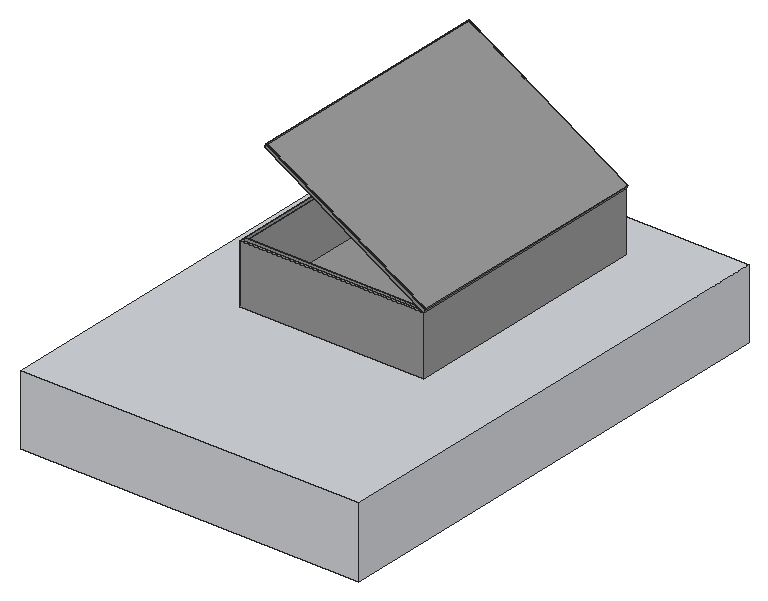
Revit family "Hager-Univers-IP55-D275-H1100-Cl.I-Steel_encl-PL-pl", category Equipement électrique, Revit 2020
Family settings
  Hôte = Face
  Configuration du panneau = Deux colonnes, circuits au sein
  Cote de connecteur circulaire = Utiliser le diamètre
  Type d'élément = Tableau de raccordement
  Couper avec des vides une fois chargée = Non
  Partagée = Non
  Point de calcul de pièce = Non
Parameters (values of type "Montaż natynkowy IP55 S800 W1100 G275  - FR73E")
  Width Control [instance] = if([EF000008 - Szerokość] > Min Width, [EF000008 - Szerokość], Min Width)  # 800 mm
  Commentaires du type = [HG000003 - Zakres]  # "Univers"
  Thickness Door [instance] = if([EF009171 - Drzwi/pokrywa z materiału o wysokiej wytrzymałości mechanicznej] > 3 mm, 3 mm, [EF009171 - Drzwi/pokrywa z materiału o wysokiej wytrzymałości mechanicznej])  # 1.5 mm
  Seal Frame Offset [instance] = 17 mm  # constant formula
  Plinth Visibility [instance] = [HG000027 - Wysokość cokołu] > 0 mm  # no
  Model = ""
  Min Width [instance] = 100 mm  # constant formula
  Min Height [instance] = 100 mm  # constant formula
  Min Depth [instance] = (2 * [EF009170 - Obudowa z materiału o wysokiej wytrzymałości mechanicznej]) + 1 mm  # 4 mm
  Internal Frame Depth [instance] = (Door System Depth * 0.5)  # 9 mm
  Height Control [instance] = if([EF000040 - Wysokość] > Min Height, [EF000040 - Wysokość], Min Height)  # 1100 mm
  HG000027 - Wysokość cokołu = 0 mm
  HG000026 - Stojąca = no
  HG000024 - Wysokość części dolnej = 800 mm
  HG000023 - Obudowa dwusekcyjna = no
  HG000016 - Widoczność drzwi w widoku 3D [instance] = yes
  HG000015 - Przestrzeń robocza - otwarcie drzwi [instance] = no
  HG000014 - Drzwi prawe [instance] = yes
  HG000013 - Drzwi lewe [instance] = not([HG000014 - Drzwi prawe])  # no
  HG000012 - Kąt otwarcia drzwi [instance] = 30.00°
  HG000010 - Drzwi asymetryczne = no
  HG000009 - Drzwi dwuskrzydłowe = no
  HG000006 - Montaż podtynkowy = no
  HG000004 - Referencja producenta = "FR73E"
  HG000003 - Zakres = "Univers"
  HG000002 - Z drzwiami lub pokrywą = yes
  Frame Offset Bottom [instance] = 10 mm  # constant formula
  Frame Offset [instance] = 15 mm  # constant formula
  EF015940 - Pokrywa z wyzwalaczem nadciśnieniowym = no
  EF011959 - Stopień ochrony (NEMA) = ""
  EF009554 - Liczba otworów pod flansze = 6
  Fabricant = "Hager"  # constant formula
  EF009212 - Wykonanie pokrywy = "EV000116 - Zamknięty"
  EF009171 - Drzwi/pokrywa z materiału o wysokiej wytrzymałości mechanicznej = 1.5 mm
  EF009170 - Obudowa z materiału o wysokiej wytrzymałości mechanicznej = 1.5 mm
  EF008873 - Prąd znamionowy (In) = 800 A
  EF007800 - Do ochrony odgromowej = no
  EF006306 - Z zamkiem = no
  EF006244 - Transparentna pokrywa/drzwi = no
  EF005474 - Stopień ochrony (IP) = "EV006420 - IP55"
  EF004464 - Rodzaj drzwi = "EV002646 - Pojedynczy"
  EF004427 - Liczba modułów = 252
  EF004293 - Odporność udarowa = "EV008784 - IK10"
  EF003532 - Do zastosowań zewnętrznych = no
  EF002950 - Szerokość wyrażona liczbą modułów = 24
  EF001613 - Podtrzymanie funkcji = "EV000494 - Brak"
  EF001596 - Materiał obudowy = "EV000179 - Stal"
  EF001131 - Głębokość wewnętrzna = 275 mm
  EF001088 - Możliwość rozbudowy = yes
  EF000437 - Liczba wejść kablowych = 6
  EF000339 - Rodzaj pokrywy = "EV004216 - Drzwi"
  EF000266 - Liczba rzędów = 7
  EF000218 - Głębokość wbudowania = 0 mm
  EF000118 - Z płytą montażową = no
  EF000116 - Numer RAL = "7035"
  EF000049 - Głębokość = 275 mm
  EF000040 - Wysokość = 1100 mm
  EF000008 - Szerokość = 800 mm
  EF000007 - Kolor = "EV000270 - Szary"
  EF000003 - Sposób montażu = "EV000384 - Montaż natynkowy"
  Door System Leaf Tolerance [instance] = 1.5 mm  # constant formula
  Door System Depth [instance] = 18 mm  # constant formula
  Door Height [instance] = Height Control - [HG000027 - Wysokość cokołu]  # 1100 mm
  Depth Control [instance] = if([EF000049 - Głębokość] > Min Depth, [EF000049 - Głębokość], Min Depth)  # 275 mm
  Default Elevation = 0 mm
  Connector Offset [instance] = Height Control / 2  # 550 mm
  Bottom Top Plate Trim [instance] = 1.5 mm  # constant formula
  Plinth height Ctrl [instance] = if([HG000027 - Wysokość cokołu] > 0 mm, [HG000027 - Wysokość cokołu], 12 mm)  # 12 mm
Types (5, lengths in mm): name | Width Control | HG000010 - Drzwi asymetryczne | HG000009 - Drzwi dwuskrzydłowe | HG000004 - Referencja producenta | EF009554 - Liczba otworów pod flansze | EF004464 - Rodzaj drzwi | EF004427 - Liczba modułów | EF000437 - Liczba wejść kablowych | EF000008 - Szerokość
  Montaż natynkowy IP55 S1050 W1100 G275  - FR74E | 1050 | no | yes | "FR74E" | 8 | "EV003602 - Podwójny" | 336 | 8 | 1050
  Montaż natynkowy IP55 S1300 W1100 G275  - FR75E | 1300 | yes | yes | "FR75E" | 10 | "EV003602 - Podwójny" | 420 | 10 | 1300
  Montaż natynkowy IP55 S300 W1100 G275  - FR71E | 300 | no | no | "FR71E" | 2 | "EV002646 - Pojedynczy" | 84 | 2 | 300
  Montaż natynkowy IP55 S550 W1100 G275  - FR72E | 550 | no | no | "FR72E" | 4 | "EV002646 - Pojedynczy" | 168 | 4 | 550
  Montaż natynkowy IP55 S800 W1100 G275  - FR73E | 800 | no | no | "FR73E" | 6 | "EV002646 - Pojedynczy" | 252 | 6 | 800
Reference planes
  plane 1 "Center (Front/Back)": y = 0
  plane 2: z = 0
  plane 3 "Center (Left/Right)": x = 0
  plane 4: z = 275
  plane 5: y = 1.5
  plane 6: y = 550
  plane 7: y = 0
  plane 8: y = 1100
  plane 9: z = 0
  plane 10: x = -385
  plane 11: x = 385
  plane 12: x = 383.5
  plane 13: x = -383.5
  plane 14: y = 1098.5
  plane 15: x = -383
  plane 16: x = -400
  plane 17: x = 383
  plane 18: x = 400
  plane 19: x = 398.5
  plane 20: x = -398.5
  plane 21: y = 11.5
  plane 22: y = 1100
  plane 23: y = 1083.5
  plane 24: z = 257
  plane 25: z = 1.5
  plane 26: z = 255.5
  plane 27: z = 273.5
Forms (mm)
  Extrusion 1, solid
    sketch origin (0, 0, 0) x (1, 0, 0) y (0, 1, 0)
      loop
        line (-702.964, 1305) -> (-702.964, -811.445) -> (766.763, -811.445) -> (766.763, 1305) -> (-702.964, 1305)
    from 0 to -304.8
  Extrusion 2, solid, material "Hager_Steel_RAL7035_Light_Grey", visible <- "Plinth Visibility", detail levels medium+fine
    sketch origin (0, 0, 0) x (1, 0, 0) y (0, 1, 0)
      loop
        line (-400, 0) -> (400, 0) -> (400, 12) -> (-400, 12) -> (-400, 0)
    from 0 to 257
  Extrusion 3, solid, material "Hager_Steel_RAL7035_Light_Grey", detail levels medium+fine
    sketch origin (0, 0, 0) x (1, 0, 0) y (0, 1, 0)
      loop
        line (-400, 0) -> (400, 0) -> (400, 1100) -> (-400, 1100) -> (-400, 0)
    from 0 to 257
  Extrusion 4, void
    sketch origin (0, 0, 0) x (1, 0, 0) y (0, 1, 0)
      loop
        line (-398.5, 1.5) -> (398.5, 1.5) -> (398.5, 1098.5) -> (-398.5, 1098.5) -> (-398.5, 1.5)
    from 1.5 to 255.5
  Extrusion 5, void
    sketch origin (-381.607, -4572, 257) x (0, -1, 0) y (-1, 0, 0)
      loop
        line (-4583.5, 1.893) -> (-5655.5, 1.893) -> (-5655.5, -765.107) -> (-4583.5, -765.107) -> (-4583.5, 1.893)
    from 0 to 1.5 <- "EF009170 - Obudowa z materiału o wysokiej wytrzymałości mechanicznej"
  Extrusion 6, solid, material "Hager_Steel_RAL7035_Light_Grey", detail levels fine
    sketch origin (0, 0, 257) x (1, 0, 0) y (0, 1, 0)
      loop
        line (-383.5, 1083.5) -> (-383.5, 11.5) -> (383.5, 11.5) -> (383.5, 1083.5) -> (-383.5, 1083.5)
      loop
        line (-385, 10) -> (385, 10) -> (385, 1085) -> (-385, 1085) -> (-385, 10)
    from 0 to 9 <- "Internal Frame Depth"
  Extrusion 7, solid, material "Hager_Steel_RAL7035_Light_Grey", detail levels coarse
    sketch origin (0, 0, 0) x (1, 0, 0) y (0, 1, 0)
      loop
        line (-400, 0) -> (400, 0) -> (400, 1100) -> (-400, 1100) -> (-400, 0)
    from 0 to 275
  Sweep 8, void
    path in 3D
      loop
        line (-400, 12, 0) -> (400, 12, 0) -> (400, 12, 257) -> (-400, 12, 257) -> (-400, 12, 0)
    profile origin (-400, 12, 128.5) x (-1, 0, 0) y (0, -1, 0)
      loop
        line (0, 0) -> (0, 1.5) -> (-1.5, 1.5)
        arc (-1.5, 1.5) -> (-1.061, 0.439) -> (0, 0) r 1.5
Cuts and joins
  Extrusion 4, Extrusion 5 cuts Extrusion 3
  Sweep 8 cuts Extrusion 2
Lines and regions (mm)
  Masking region 1
    outline origin (0, 0, 0) x (1, 0, 0) y (0, 0, 1)
      loop
        line (-400, 275) -> (-400, 0) -> (400, 0) -> (400, 275) -> (-400, 275)
  Masking region 2, detail levels medium+fine
    outline origin (0, 140, 0) x (0, 1, 0) y (0, 0, 1)
      loop
        line (-140, 0) -> (960, 0) -> (960, 257) -> (-140, 257) -> (-140, 0)
  Masking region 3, not visible, detail levels medium+fine
    outline origin (0, 297.922, 0) x (0, 1, 0) y (0, 0, 1)
      loop
        line (263.578, 0) -> (303.578, 0) -> (303.578, 263.5)
        arc (303.578, 263.5) -> (300.649, 270.571) -> (293.578, 273.5) r 10
        line (293.578, 273.5) -> (263.578, 273.5) -> (263.578, 0)
  Masking region 4, detail levels coarse
    outline origin (0, 0, 180) x (0, 1, 0) y (0, 0, 1)
      loop
        line (0, -180) -> (1100, -180) -> (1100, 95) -> (0, 95) -> (0, -180)
  Masking region 5, visible <- "Plinth Visibility", detail levels medium+fine
    outline origin (0, 52.24, 12.345) x (0, 0, -1) y (0, 1, 0)
      loop
        line (10.845, -40.24) -> (-243.155, -40.24)
        arc (-243.155, -40.24) -> (-243.594, -41.301) -> (-244.655, -41.74) r 1.5
        line (-244.655, -41.74) -> (-244.655, -52.24) -> (12.345, -52.24) -> (12.345, -41.74)
        arc (12.345, -41.74) -> (11.285, -41.301) -> (10.845, -40.24) r 1.5
  Masking region 6, detail levels medium+fine
    outline origin (-381.607, -4572, 257) x (-1, 0, 0) y (0, -1, 0)
      loop
        line (18.393, -5672) -> (18.393, -4572) -> (-781.607, -4572) -> (-781.607, -5672) -> (18.393, -5672)
  Masking region 7, visible <- "Plinth Visibility", detail levels medium+fine
    outline origin (-381.607, -4727, 257) x (-1, 0, 0) y (0, -1, 0)
      loop
        arc (16.893, -4739) -> (17.332, -4737.939) -> (18.393, -4737.5) r 1.5
        line (18.393, -4737.5) -> (18.393, -4727) -> (-781.607, -4727) -> (-781.607, -4737.5)
        arc (-781.607, -4737.5) -> (-780.546, -4737.939) -> (-780.107, -4739) r 1.5
        line (-780.107, -4739) -> (16.893, -4739)
  Masking region 8, detail levels coarse
    outline origin (-442.548, -4669.526, 257) x (-1, 0, 0) y (0, -1, 0)
      loop
        line (-42.548, -5769.526) -> (-42.548, -4669.526) -> (-842.548, -4669.526) -> (-842.548, -5769.526) -> (-42.548, -5769.526)
  sketch lines
    curve 1: line (-400, 12, 257) -> (-400, 12, 0)
    curve 2: line (400, 12, 257) -> (-400, 12, 257)
    curve 3: line (400, 12, 257) -> (400, 12, 0)
    curve 4: line (-400, 12, 0) -> (400, 12, 0)
Dimensions and locks
  "Depth Control": plane 4 to Extrusion 1
  "HG000027 - Wysokość cokołu": plane 1 "Center (Front/Back)" to plane 7
  "EF009170 - Obudowa z materiału o wysokiej wytrzymałości mechanicznej": plane 5 to plane 7
  locked: connector elem to plane 3 "Center (Left/Right)"
  equal spacing: plane 8, plane 6, plane 7
  locked: connector elem to plane 6
  "EF009170 - Obudowa z materiału o wysokiej wytrzymałości mechanicznej": plane 8 to plane 14
  "EF009170 - Obudowa z materiału o wysokiej wytrzymałości mechanicznej": plane 10 to plane 13
  "EF009170 - Obudowa z materiału o wysokiej wytrzymałości mechanicznej": plane 12 to plane 11
  "Frame Offset": plane 20 to plane 13
  "Frame Offset": plane 12 to plane 19
  "EF009170 - Obudowa z materiału o wysokiej wytrzymałości mechanicznej": plane 16 to plane 20
  "EF009170 - Obudowa z materiału o wysokiej wytrzymałości mechanicznej": plane 19 to plane 18
  "Seal Frame Offset": plane 16 to plane 15
  "Seal Frame Offset": plane 17 to plane 18
  "Frame Offset Bottom": plane 21 to plane 5
  "Frame Offset": plane 14 to plane 23
  equal spacing: plane 16, plane 3 "Center (Left/Right)", plane 18
  "Width Control": plane 16 to plane 18
  "EF009170 - Obudowa z materiału o wysokiej wytrzymałości mechanicznej": plane 4 to plane 27
  "EF009170 - Obudowa z materiału o wysokiej wytrzymałości mechanicznej": plane 24 to plane 26
  "EF009170 - Obudowa z materiału o wysokiej wytrzymałości mechanicznej": plane 25 to level
  "Door System Depth": plane 4 to plane 24
  "Height Control": plane 1 "Center (Front/Back)" to Extrusion 7 sketch curve
  "Height Control": Masking region 4 sketch curve to plane 1 "Center (Front/Back)"
  "Height Control": plane 1 "Center (Front/Back)" to plane 22
  "Bottom Top Plate Trim": profile plane to Sweep 8 sketch curve
  "Bottom Top Plate Trim": Sweep 8 sketch curve to profile plane
  "Plinth height Ctrl": plane 1 "Center (Front/Back)" to Extrusion 2 sketch curve
  "Plinth height Ctrl": Masking region 5 sketch curve to plane 1 "Center (Front/Back)"
  "Plinth height Ctrl": plane 1 "Center (Front/Back)" to Masking region 7 sketch curve
  "Thickness Door": Extrusion 6 sketch curve to Extrusion 6 sketch curve  (x3)
  "Thickness Door": cut or joined group of Extrusion 3, Extrusion 4, Extrusion 5 to Extrusion 6 sketch curve
  radius of Masking region 3 sketch curve = 10 mm
  "Bottom Top Plate Trim": radius of Masking region 5 sketch curve  (x2)
  "Bottom Top Plate Trim": radius of Sweep 8 sketch curve
  "Bottom Top Plate Trim": radius of Masking region 7 sketch curve  (x2)
  aligned and locked: plane 2 to Extrusion 1
  aligned and locked: level to Extrusion 1
  aligned and locked: level to Masking region 1 sketch curve
  aligned and locked: Masking region 1 sketch curve to plane 18
  aligned and locked: Masking region 1 sketch curve to plane 16
  aligned and locked: plane 7 to Masking region 2 sketch curve
  aligned and locked: level to Masking region 3 sketch curve
  aligned and locked: Masking region 3 sketch curve to plane 27
  aligned and locked: level to Masking region 2 sketch curve
  aligned and locked: plane 1 "Center (Front/Back)" to Extrusion 2 sketch curve
  aligned and locked: Extrusion 3 sketch curve to plane 7
  aligned and locked: plane 16 to Extrusion 3 sketch curve
  aligned and locked: plane 18 to Extrusion 3 sketch curve
  aligned and locked: plane 20 to Extrusion 4 sketch curve
  aligned and locked: plane 19 to Extrusion 4 sketch curve
  aligned and locked: Extrusion 4 sketch curve to plane 5
  aligned and locked: Extrusion 4 to plane 25
  aligned and locked: plane 26 to Extrusion 4
  aligned and locked: plane 24 to Extrusion 3
  aligned and locked: Extrusion 5 sketch curve to plane 21
  aligned and locked: Extrusion 5 sketch curve to plane 13
  aligned and locked: Extrusion 5 sketch curve to plane 12
  aligned and locked: plane 18 to Extrusion 7 sketch curve
  aligned and locked: plane 1 "Center (Front/Back)" to Extrusion 7 sketch curve
  aligned and locked: plane 16 to Extrusion 7 sketch curve
  aligned and locked: plane 4 to Extrusion 7
  aligned and locked: Extrusion 7 to level
  aligned and locked: level to Masking region 4 sketch curve
  aligned and locked: Masking region 4 sketch curve to plane 1 "Center (Front/Back)"
  aligned and locked: Masking region 4 sketch curve to plane 4
  aligned and locked: nested 1 to level
  aligned and locked: nested 1 to plane 16
  aligned and locked: plane 8 to Extrusion 3 sketch curve
  aligned and locked: plane 23 to Extrusion 5 sketch curve
  aligned and locked: plane 14 to Extrusion 4 sketch curve
  aligned and locked: Masking region 2 sketch curve to plane 8
  aligned and locked: level to Masking region 5 sketch curve
  aligned and locked: plane 16 to Extrusion 2 sketch curve
  aligned and locked: plane 18 to Extrusion 2 sketch curve
  aligned and locked: Masking region 5 sketch curve to plane 24
  aligned and locked: Masking region 2 sketch curve to plane 24
  aligned and locked: plane 24 to Extrusion 2
  aligned and locked: profile plane to Sweep 8 sketch curve  (x2)
  aligned and locked: Masking region 6 sketch curve to plane 18
  aligned and locked: Masking region 6 sketch curve to plane 22
  aligned and locked: Masking region 6 sketch curve to plane 16
  aligned and locked: plane 8 to plane 22
  aligned and locked: Masking region 6 sketch curve to plane 7
  aligned and locked: Masking region 7 sketch curve to plane 16
  aligned and locked: Masking region 7 sketch curve to plane 1 "Center (Front/Back)"
  aligned and locked: Masking region 7 sketch curve to plane 18
  aligned and locked: Masking region 8 sketch curve to plane 1 "Center (Front/Back)"
  aligned and locked: Masking region 8 sketch curve to plane 18
  aligned and locked: Masking region 8 sketch curve to plane 22
  aligned and locked: Masking region 8 sketch curve to plane 16
  aligned and locked: nested 2 to plane 7
  aligned and locked: plane 3 "Center (Left/Right)" to nested 2
  aligned and locked: nested 2 to plane 24
  aligned and locked: Extrusion 6 sketch curve to cut or joined group of Extrusion 3, Extrusion 4, Extrusion 5  (x4)
Automatic sketch dimensions
  Extrusion 1 sketch curve to Extrusion 1 sketch curve = 1469.727 mm
  Extrusion 1 sketch curve to Extrusion 1 sketch curve = 2116.445 mm
  Masking region 1 sketch curve to plane 4 = 0 mm
  plane 6 to Masking region 3 sketch curve = 11.5 mm
  Masking region 3 sketch curve to Masking region 3 sketch curve = 30 mm
  Masking region 5 sketch curve to plane 1 "Center (Front/Back)" = 0 mm
Nested families
  nested 1: "Hager_Enclosure_Symbol" at (-400, 0, 0) x (1, 0, 0) z (0, -1, 0), Height <- "Depth Control", Width <- "Width Control", type "Hager_Enclosure_Symbol"
    with Width_Ctrl 800 mm, Width 800 mm, Height_Ctrl 275 mm, Height 275 mm, A_Width_Int 18.047 mm, A_Width 216.562 mm, A_Height_Ctrl 240.625 mm, A_Height 240.625 mm
  nested 2: "EC000058_Univers_Door" at (0, 0, 257) x (1, 0, 0) z (0, 1, 0), Leaf_Tolerance <- "Door System Leaf Tolerance", Angle <- "HG000012 - Kąt otwarcia drzwi", Door_Depth <- "Door System Depth", Door_Left <- "HG000013 - Drzwi lewe", Transparent <- "EF006244 - Transparentna pokrywa/drzwi", Assymetrical <- "HG000010 - Drzwi asymetryczne", Width <- "Width Control", Clearance <- "HG000015 - Przestrzeń robocza - otwarcie drzwi", Double <- "HG000009 - Drzwi dwuskrzydłowe", 3d_Door <- "HG000016 - Widoczność drzwi w widoku 3D", Lock_Visibility <- "EF006306 - Z zamkiem", Width_Ctrl <- "Width Control", Door_Right <- "HG000014 - Drzwi prawe", Door <- "HG000002 - Z drzwiami lub pokrywą", Height <- "Door Height", Thickness <- "Thickness Door", type "EC000058_Univers_Door", detail levels medium+fine
    with min_wh 4 mm, Width_Ctrl 800 mm, Width 800 mm, Transparent no, Thickness 1.5 mm, Seal_Material Hager_Rubber, Lock_Visibility no, Lock_Material Hager_Plastic_RAL9005_Jet_Black, Leaf_Width 800 mm, Leaf_Tolerance_External_Sides 0 mm, Leaf_Tolerance 1.5 mm, Leaf_Offset 0 mm, Leaf_Height 1097 mm, Leaf_2_Width 800 mm, Leaf_2_Offset 400 mm, Leaf_1_Width 800 mm, Leaf_1_Offset 400 mm, Height_Ctrl 1100 mm, Height 1100 mm, Glass_Material Hager_Glass, Double_Clearance_Ctrl no, Double no, Door_Right_Ctrl yes, Door_Right yes, Door_Material Hager_Steel_RAL7035_Light_Grey, Door_Left_Ctrl no, Door_Left no, Door_Depth 18 mm, Door yes, Clearance_Material Hager_Clearance, Clearance_Depth 800 mm, Clearance_Ctrl no, Clearance no, Assymetrical no, Angle 30.00°, 3d_Door yes
Connectors
  electrical at (0, 550, 0)
    settings: on plane 9, index 1, voltage 0 V, apparent load 0 VA, apparent load phase1 0 VA, apparent load phase2 0 VA, apparent load phase3 0 VA, power factor 1, load classification "Other", number of poles 1, system type 30, power factor state 1, is connector primary yes, connector utility no, sub classification motor no, connector description ""
Definition of nested family "EC000058_Univers_Door"
  Parameters (values of type "EC000058_Univers_Door")
    min_wh [instance] = (2 * Thickness) + 1 mm  # 11 mm
    Width_Ctrl [instance] = 400 mm
    Width [instance] = 500 mm
    Transparent [instance] = yes
    Thickness [instance] = 5 mm
    Seal_Material [instance] = none
    Lock_Visibility [instance] = yes
    Lock_Material [instance] = none
    Leaf_Width [instance] = if((Width_Ctrl - 2 * Leaf_Tolerance_External_Sides) > 0 mm, (Width_Ctrl - 2 * Leaf_Tolerance_External_Sides), min_wh)  # 400 mm
    Leaf_Tolerance_External_Sides [instance] = 0 mm  # constant formula
    Leaf_Tolerance [instance] = 1.5 mm
    Leaf_Offset [instance] = 0 mm  # constant formula
    Leaf_Height [instance] = if((Height_Ctrl - 2 * Leaf_Tolerance) > 0 mm, (Height_Ctrl - 2 * Leaf_Tolerance), min_wh)  # 497 mm
    Leaf_2_Width [instance] = if(and(and(Double, Assymetrical), Door_Left), (Leaf_Width / 3) - (Leaf_Tolerance / 2), if(and(and(Double, Assymetrical), Door_Right), (Leaf_Width / 3) * 2 - (Leaf_Tolerance / 2), if(and(Double, not(Assymetrical)), (Leaf_Width / 2) - Leaf_Tolerance, Leaf_Width)))  # 400 mm
    Leaf_2_Offset [instance] = if(and(Double, Assymetrical), Leaf_2_Width / 2, if(and(Double, not(Assymetrical)), Leaf_Width / 4, Leaf_Width / 2))  # 200 mm
    Leaf_1_Width [instance] = if(and(and(Double, Assymetrical), Door_Right), (Leaf_Width / 3) - (Leaf_Tolerance / 2), if(and(and(Double, Assymetrical), Door_Left), (Width / 3) * 2 - (Leaf_Tolerance / 2), if(and(Double, not(Assymetrical)), (Leaf_Width / 2) - Leaf_Tolerance, Leaf_Width)))  # 400 mm
    Leaf_1_Offset [instance] = if(and(Double, Assymetrical), Leaf_1_Width / 2, if(and(Double, not(Assymetrical)), Leaf_Width / 4, Leaf_Width / 2))  # 200 mm
    Height_Ctrl [instance] = if(Height > min_wh, Height, min_wh)  # 500 mm
    Height [instance] = 500 mm
    Glass_Material [instance] = none
    Double_Clearance_Ctrl [instance] = and(Double, Clearance)  # no
    Double [instance] = no
    Door_Right_Ctrl [instance] = and(or(Door_Right, Double), Door)  # yes
    Door_Right [instance] = yes
    Door_Material [instance] = none
    Door_Left_Ctrl [instance] = and(or(Door_Left, Double), Door)  # no
    Door_Left [instance] = no
    Door_Depth [instance] = 30 mm
    Door [instance] = yes
    Default Elevation = 1219.2 mm
    Clearance_Material [instance] = none
    Clearance_Depth [instance] = if(Leaf_1_Width > Leaf_2_Width, Leaf_1_Width, Leaf_2_Width)  # 400 mm
    Clearance_Ctrl [instance] = and(not(Double), Clearance)  # yes
    Clearance [instance] = yes
    Assymetrical [instance] = yes
    Angle [instance] = 30.00°
    3d_Door [instance] = yes
  Reference planes
    plane 1 "Center (Front/Back)": y = 0
    plane 2 "Bottom": z = 0
    plane 3 "Center (Left/Right)": x = 0
    plane 4: z = 500
    plane 5: x = -200
    plane 6: x = 200
    plane 7: z = 500
    plane 8: x = -200
    plane 9: z = 0
    plane 10: x = 200
    plane 11: y = 0
    plane 12: z = 1.5
    plane 13: x = -600
    plane 14: y = -400
    plane 15: x = 600
    plane 16: x = 0
    plane 17: x = 0
    plane 18: x = -200
    plane 19: x = 200
    plane 20: z = 498.5
  Forms (mm)
    Extrusion 1, solid, material <- "Clearance_Material", visible <- "Double_Clearance_Ctrl"
      sketch origin (1200, 0, 0) x (1, 0, 0) y (0, 0, -1)
        loop
          line (-1800, -498.5) -> (-600, -498.5) -> (-600, 0) -> (-1800, 0) -> (-1800, -498.5)
      from 0 to -400
  Dimensions and locks
    equal spacing: plane 5, plane 3 "Center (Left/Right)", plane 6
    "Width_Ctrl": plane 5 to plane 6
    "Leaf_Offset": plane 5 to plane 8
    "Leaf_Offset": plane 6 to plane 10
    "Leaf_Offset": plane 9 to level
    "Leaf_Offset": plane 4 to plane 7
    "Height_Ctrl": plane 4 to level
    "Leaf_Tolerance": plane 12 to plane 9
    locked: plane 11 to plane 1 "Center (Front/Back)"
    "Leaf_1_Offset": plane 18 to plane 16
    "Leaf_2_Offset": plane 17 to plane 19
    "Leaf_1_Width": plane 13 to plane 8
    "Leaf_2_Width": plane 10 to plane 15
    "Clearance_Depth": plane 14 to plane 1 "Center (Front/Back)"
    "Leaf_Tolerance_External_Sides": plane 8 to plane 18
    "Leaf_Tolerance_External_Sides": plane 19 to plane 10
    "Leaf_Tolerance": plane 7 to plane 20
    aligned and locked: level to plane 2 "Bottom"
    aligned and locked: nested 1 to plane 16
    aligned and locked: nested 2 to plane 17
    aligned and locked: Extrusion 1 to plane 13
    aligned and locked: plane 15 to Extrusion 1
    aligned and locked: Extrusion 1 to plane 14
    aligned and locked: plane 12 to nested 1
    aligned and locked: nested 2 to plane 12
    aligned and locked: Extrusion 1 to plane 11
    aligned and locked: plane 20 to Extrusion 1
    aligned and locked: nested 2 to plane 11
    aligned and locked: nested 1 to plane 11
  Automatic sketch dimensions
    Extrusion 1 sketch curve to level = 0 mm
    plane 5 to Extrusion 1 sketch curve = 400 mm
    plane 6 to Extrusion 1 sketch curve = 400 mm
    Extrusion 1 sketch curve to plane 4 = 1.5 mm
  Nested families
    nested 1: "EC000058_Univers_Door_Leaf" at (0, 0, 1.5), Width <- "Leaf_1_Width", visible <- "Door_Left_Ctrl", Leaf_Height <- "Leaf_Height", Angle <- "Angle", 3d_Door <- "3d_Door", Transparent <- "Transparent", Clearance Material <- "Clearance_Material", Clearance <- "Clearance_Ctrl", Door_Material <- "Door_Material", Glass_Material <- "Glass_Material", Door_Depth <- "Door_Depth", Lock_Material <- "Lock_Material", Seal_Material <- "Seal_Material", Lock_Visibility <- "Lock_Visibility", Thickness <- "Thickness", type "EC000058_Univers_Door_Leaf"
      with Width 400 mm, Transparent_Glass_Offset 30 mm, Transparent_Ctrl yes, Transparent yes, Thickness 5 mm, Standard no, Seal_Material none, Seal_D2 8 mm, Seal_D1 1 mm, Offset_Internal_Frame 10 mm, Lock_Width 20 mm, Lock_Visibility_3d yes, Lock_Visibility yes, Lock_Thickness_3 3 mm, Lock_Thickness_2 1 mm, Lock_Thickness_1 3 mm, Lock_Radius_Offset_2 16 mm, Lock_Radius_Offset_1 15 mm, Lock_Radius_2 5 mm, Lock_Radius 6 mm, Lock_Offset 5 mm, Lock_Material none, Lock_Height 80 mm, Lock_Cover_Top_Offset_2d 17 mm, Lock_Cover_Height -65 mm, Leaf_Height 497 mm, Internal_Seal_Thickness 8 mm, Internal_Seal_Depth_2 4.5 mm, Internal_Frame_Depth 25 mm, Glass_Thickness -1 mm, Glass_Offset -2 mm, Glass_Material none, Door_Material none, Door_Depth 30 mm, Clearance Material none, Clearance yes, Angle_Ctrl 30.00°, Angle 30.00°, 3d_Door yes
    nested 2: "EC000058_Univers_Door_Leaf" at (0, 0, 1.5) x (-1, 0, 0) z (0, 0, 1), Width <- "Leaf_2_Width", visible <- "Door_Right_Ctrl", Leaf_Height <- "Leaf_Height", Angle <- "Angle", 3d_Door <- "3d_Door", Transparent <- "Transparent", Clearance Material <- "Clearance_Material", Clearance <- "Clearance_Ctrl", Door_Material <- "Door_Material", Glass_Material <- "Glass_Material", Door_Depth <- "Door_Depth", Lock_Material <- "Lock_Material", Seal_Material <- "Seal_Material", Lock_Visibility <- "Lock_Visibility", Thickness <- "Thickness", type "EC000058_Univers_Door_Leaf"
      with Width 400 mm, Transparent_Glass_Offset 30 mm, Transparent_Ctrl yes, Transparent yes, Thickness 5 mm, Standard no, Seal_Material none, Seal_D2 8 mm, Seal_D1 1 mm, Offset_Internal_Frame 10 mm, Lock_Width 20 mm, Lock_Visibility_3d yes, Lock_Visibility yes, Lock_Thickness_3 3 mm, Lock_Thickness_2 1 mm, Lock_Thickness_1 3 mm, Lock_Radius_Offset_2 16 mm, Lock_Radius_Offset_1 15 mm, Lock_Radius_2 5 mm, Lock_Radius 6 mm, Lock_Offset 5 mm, Lock_Material none, Lock_Height 80 mm, Lock_Cover_Top_Offset_2d 17 mm, Lock_Cover_Height -65 mm, Leaf_Height 497 mm, Internal_Seal_Thickness 8 mm, Internal_Seal_Depth_2 4.5 mm, Internal_Frame_Depth 25 mm, Glass_Thickness -1 mm, Glass_Offset -2 mm, Glass_Material none, Door_Material none, Door_Depth 30 mm, Clearance Material none, Clearance yes, Angle_Ctrl 30.00°, Angle 30.00°, 3d_Door yes
  Definition of nested family "EC000058_Univers_Door_Leaf"
    Parameters (values of type "EC000058_Univers_Door_Leaf")
      Width [instance] = 2000 mm
      Transparent_Glass_Offset [instance] = 30 mm
      Transparent_Ctrl [instance] = and(Transparent, [3d_Door])  # yes
      Transparent [instance] = yes
      Thickness [instance] = 5 mm
      Standard [instance] = and(not(Transparent), [3d_Door])  # no
      Seal_Material [instance] = none
      Seal_D2 [instance] = 8 mm  # constant formula
      Seal_D1 [instance] = 1 mm  # constant formula
      Offset_Internal_Frame [instance] = 10 mm  # constant formula
      Lock_Width [instance] = 20 mm  # constant formula
      Lock_Visibility_3d [instance] = and(Lock_Visibility, [3d_Door])  # yes
      Lock_Visibility [instance] = yes
      Lock_Thickness_3 [instance] = 3 mm  # constant formula
      Lock_Thickness_2 [instance] = 1 mm  # constant formula
      Lock_Thickness_1 [instance] = 3 mm  # constant formula
      Lock_Radius_Offset_2 [instance] = Lock_Radius_Offset_1 + 1 mm  # 16 mm
      Lock_Radius_Offset_1 [instance] = 15 mm  # constant formula
      Lock_Radius_2 [instance] = Lock_Radius - 1 mm  # 5 mm
      Lock_Radius [instance] = 6 mm  # constant formula
      Lock_Offset [instance] = 5 mm  # constant formula
      Lock_Material [instance] = none
      Lock_Height [instance] = 80 mm  # constant formula
      Lock_Cover_Top_Offset_2d [instance] = Lock_Radius_Offset_2 + 1 mm  # 17 mm
      Lock_Cover_Height [instance] = -(Lock_Height - Lock_Radius_Offset_1)  # -65 mm
      Leaf_Height [instance] = 2720.336 mm
      Internal_Seal_Thickness [instance] = 8 mm  # constant formula
      Internal_Seal_Depth_2 [instance] = 4.5 mm  # constant formula
      Internal_Frame_Depth [instance] = if(Door_Depth - Thickness > 5 mm, Door_Depth - Thickness, 5 mm)  # 25 mm
      Glass_Thickness [instance] = if(Thickness > 15 mm, Glass_Offset + 10 mm, -1 mm)  # -1 mm
      Glass_Offset [instance] = if(Thickness > 15 mm, -(Thickness + 10 mm) / 2, -2 mm)  # -2 mm
      Glass_Material [instance] = none
      Door_Material [instance] = none
      Door_Depth [instance] = 30 mm
      Default Elevation = 0 mm
      Clearance Material [instance] = none
      Clearance [instance] = yes
      Angle_Ctrl [instance] = if(Angle > 180.00°, 180.00°, Angle)  # 90.00°
      Angle [instance] = 90.00°
      3d_Door [instance] = yes
    Reference planes
      plane 1 "Center (Front/Back)": y = 0
      plane 2: z = 0
      plane 3 "Center (Left/Right)": x = 0
      plane 4: y = 2000
      plane 5: x = -1000
      plane 6: x = 1000
      plane 7: x = -3000
      plane 8: z = 2720.336
      plane 9: z = 30
      plane 10: z = 2690.336
      plane 11: x = 970
      plane 12: x = -970
      plane 13: y = -3
      plane 14: z = 107.833
      plane 15: y = -5
      plane 16: y = -223.314
      plane 17: x = -1000
      plane 18: z = 1360.168
      plane 19: y = 30
    Forms (mm)
      Extrusion 1, solid, material <- "Clearance Material", visible <- "Clearance"
        sketch origin (0, 0, 0) x (1, 0, 0) y (0, 0, 1)
          loop
            line (-3000, 2720.336) -> (-3000, 0) -> (1000, 0) -> (1000, 2720.336) -> (-3000, 2720.336)
        from 0 to -2000
      Extrusion 2, solid, material <- "Door_Material", visible <- "Standard", detail levels medium+fine
        sketch origin (-1000, 0, 0) x (0, 1, 0) y (-1, 0, 0)
          loop
            line (0, 30) -> (0, 25) -> (2000, 25) -> (2000, 30) -> (0, 30)
        from 0 to 2720.336 <- "Leaf_Height"
      Extrusion 3, solid, material <- "Door_Material", visible <- "Transparent_Ctrl", detail levels medium+fine
        sketch origin (-1000, 0, 0) x (0, 1, 0) y (-1, 0, 0)
          loop
            line (0, 25) -> (2000, 25) -> (2000, 30) -> (0, 30) -> (0, 25)
        from 0 to 2720.336 <- "Leaf_Height"
      Extrusion 4, void
        sketch origin (-1025, 2000, 0) x (0, 1, 0) y (0, 0, -1)
          loop
            line (-30, -2690.336) -> (-30, -30) -> (-1970, -30) -> (-1970, -2690.336) -> (-30, -2690.336)
        from 0 to 5 <- "Thickness"
      Sweep 5, solid, material <- "Seal_Material", visible <- "Transparent_Ctrl", detail levels fine
        path in 3D
          loop
            line (-1025, 30, 30) -> (-1025, 30, 2690.336) -> (-1025, 1970, 2690.336) -> (-1025, 1970, 30) -> (-1025, 30, 30)
        profile origin (-1025, 1000, 30) x (1, 0, 0) y (0, 0, 1)
          loop
            line (0, 0) -> (0, -8) -> (1, -8) -> (1, 0) -> (0, 0)
      Extrusion 6, solid, material <- "Glass_Material", visible <- "Transparent_Ctrl", detail levels medium+fine
        sketch origin (-1030, 0, 0) x (0, 1, 0) y (0, 0, -1)
          loop
            line (1970, -2690.336) -> (1970, -30) -> (30, -30) -> (30, -2690.336) -> (1970, -2690.336)
        from -2 <- "Glass_Offset" to -1 <- "Glass_Thickness"
      Extrusion 7, solid, material <- "Door_Material", visible <- "3d_Door", detail levels medium+fine
        sketch origin (-1025, 2000, 0) x (0, -1, 0) y (0, 0, -1)
          loop
            line (0, -2720.336) -> (2000, -2720.336) -> (2000, 0) -> (0, 0) -> (0, -2720.336)
          loop
            line (1995, -5) -> (5, -5) -> (5, -2715.336) -> (1995, -2715.336) -> (1995, -5)
        from 0 to 25 <- "Internal_Frame_Depth"
      Sweep 8, solid, material <- "Seal_Material", visible <- "Transparent_Ctrl", detail levels fine
        path in 3D
          loop
            line (-1025, 0, 0) -> (-1025, 2000, 0) -> (-1025, 2000, 2720.336) -> (-1025, 0, 2720.336) -> (-1025, 0, 0)
        profile origin (-1025, 0, 1360.168) x (1, 0, 0) y (0, 1, 0)
          loop
            line (0, 10) -> (2.975, 10)
            arc (2.975, 10) -> (4.053, 10.447) -> (4.5, 11.525) r 1.525
            line (4.5, 11.525) -> (4.5, 16.527)
            arc (4.5, 16.527) -> (4.069, 17.569) -> (3.027, 18) r 1.473
            line (3.027, 18) -> (0, 18) -> (0, 10)
      Extrusion 9, solid, material <- "Lock_Material", visible <- "Lock_Visibility_3d", detail levels fine
        sketch origin (-1030, 0, 0) x (0, 1, 0) y (0, 0, -1)
          loop
            arc (1993.5, -1400.168) -> (1994.561, -1399.729) -> (1995, -1398.668) r 1.5
            line (1995, -1398.668) -> (1995, -1320.168) -> (1975, -1320.168) -> (1975, -1398.668)
            arc (1975, -1398.668) -> (1975.439, -1399.729) -> (1976.5, -1400.168) r 1.5
            line (1976.5, -1400.168) -> (1993.5, -1400.168)
        from 3 <- "Lock_Thickness_1" to 0
      Blend 10, solid, material <- "Lock_Material", visible <- "Lock_Visibility_3d", detail levels fine
        base sketch origin (-1033, 0, 0) x (0, 1, 0) y (0, 0, -1)
          loop
            line (1975, -1320.168) -> (1975, -1398.668)
            arc (1975, -1398.668) -> (1975.439, -1399.729) -> (1976.5, -1400.168) r 1.5
            line (1976.5, -1400.168) -> (1993.5, -1400.168)
            arc (1993.5, -1400.168) -> (1994.561, -1399.729) -> (1995, -1398.668) r 1.5
            line (1995, -1398.668) -> (1995, -1320.168) -> (1975, -1320.168)
        top sketch origin (-1033, 0, 0) x (0, 1, 0) y (0, 0, -1)
          loop
            line (1976, -1320.168) -> (1976, -1398.668)
            arc (1976, -1398.668) -> (1976.146, -1399.022) -> (1976.5, -1399.168) r 0.5
            line (1976.5, -1399.168) -> (1993.5, -1399.168)
            arc (1993.5, -1399.168) -> (1993.854, -1399.022) -> (1994, -1398.668) r 0.5
            line (1994, -1398.668) -> (1994, -1320.168) -> (1976, -1320.168)
        from 0 to 1 <- "Lock_Thickness_2"
      Blend 11, solid, material <- "Lock_Material", visible <- "Lock_Visibility_3d", detail levels fine
        base sketch origin (-1034, 0, 0) x (0, 1, 0) y (0, 0, -1)
          loop
            line (1978, -1320.168) -> (1978, -1384.168)
            arc (1978, -1384.168) -> (1985, -1391.168) -> (1992, -1384.168) r 7
            line (1992, -1384.168) -> (1992, -1320.168) -> (1978, -1320.168)
        top sketch origin (-1034, 0, 0) x (0, 1, 0) y (0, 0, -1)
          loop
            line (1991, -1320.168) -> (1979, -1320.168) -> (1979, -1383.168)
            arc (1979, -1383.168) -> (1985, -1389.168) -> (1991, -1383.168) r 6
            line (1991, -1383.168) -> (1991, -1320.168)
        from 0 to 3 <- "Lock_Thickness_3"
      Extrusion 12, solid, material <- "Lock_Material", visible <- "Lock_Visibility_3d", detail levels fine
        sketch origin (-1030, 1975, 1320.168) x (1, 0, 0) y (0, -1, 0)
          loop
            line (-7, -19) -> (-7, -1) -> (0, -1) -> (0, 0) -> (-8, 0) -> (-8, -20) -> (0, -20) -> (0, -19) -> (-7, -19)
        from 0 to -65 <- "Lock_Cover_Height"
      Extrusion 13, void
        sketch origin (-1038, 1995, 1320.168) x (-1, 0, 0) y (0, 0, -1)
          loop
            line (-5, -65) -> (0, -65) -> (-5, -60) -> (-5, -65)
        from 0 to 20 <- "Lock_Width"
      Extrusion 14, void
        sketch origin (-1038, 1975, 1320.168) x (0, -1, 0) y (0, 0, -1)
          loop
            circle (-10, -15.995) r 6
          loop
            circle (-10, -15.995) r 5
        from 0 to 2
      Extrusion 15, solid, material <- "Lock_Material", visible <- "Lock_Visibility_3d", detail levels medium
        sketch origin (-1030, 0, 0) x (0, 1, 0) y (0, 0, -1)
          loop
            arc (1993.5, -1400.168) -> (1994.561, -1399.729) -> (1995, -1398.668) r 1.5
            line (1995, -1398.668) -> (1995, -1320.168) -> (1975, -1320.168) -> (1975, -1398.668)
            arc (1975, -1398.668) -> (1975.439, -1399.729) -> (1976.5, -1400.168) r 1.5
            line (1976.5, -1400.168) -> (1993.5, -1400.168)
        from 8 to 0
    Cuts and joins
      Extrusion 4 cuts Extrusion 3
      Extrusion 13, Extrusion 14 cuts Extrusion 9
      Extrusion 14 cuts Blend 11
      Extrusion 13, Extrusion 14 cuts Extrusion 12
      joined: Extrusion 9, Blend 10, Blend 11, Extrusion 12
      Extrusion 14 cuts Extrusion 15
    Lines and regions (mm)
      Masking region 1, visible <- "Lock_Visibility", detail levels fine
        outline origin (0, 0, 0) x (0, 1, 0) y (0, 0, 1)
          loop
            line (30, 1320.168) -> (33, 1320.168) -> (33, 1400.168) -> (30, 1400.168) -> (30, 1320.168)
      Masking region 2, visible <- "Lock_Visibility", detail levels fine
        outline origin (0, 3.143, 0) x (0, 1, 0) y (0, 0, 1)
          loop
            line (29.857, 1354.168) -> (30.857, 1354.168) -> (30.857, 1366.168) -> (29.857, 1366.168) -> (29.857, 1354.168)
      Masking region 3, detail levels medium+fine
        outline origin (0, 0, 0) x (0, 1, 0) y (0, 0, 1)
          loop
            line (0, 0) -> (30, 0) -> (30, 2720.336) -> (0, 2720.336) -> (0, 0)
      Masking region 4, detail levels medium+fine
        outline origin (0, 0, 0) x (1, 0, 0) y (0, 0, 1)
          loop
            line (-1000, 2720.336) -> (-1000, 0) -> (1000, 0) -> (1000, 2720.336) -> (-1000, 2720.336)
      Masking region 5, visible <- "Lock_Visibility", detail levels fine
        outline origin (-47.116, 0, 0) x (1, 0, 0) y (0, 0, 1)
          loop
            arc (1024.616, 1399.168) -> (1023.556, 1398.729) -> (1023.116, 1397.668) r 1.5
            line (1023.116, 1397.668) -> (1023.116, 1320.168) -> (1041.116, 1320.168) -> (1041.116, 1397.668)
            arc (1041.116, 1397.668) -> (1040.677, 1398.729) -> (1039.616, 1399.168) r 1.5
            line (1039.616, 1399.168) -> (1024.616, 1399.168)
      Masking region 6, visible <- "Lock_Visibility", detail levels medium+fine
        outline origin (-25, 0, 0) x (1, 0, 0) y (0, 0, 1)
          loop
            arc (1001.5, 1400.168) -> (1000.439, 1399.729) -> (1000, 1398.668) r 1.5
            line (1000, 1398.668) -> (1000, 1320.168) -> (1020, 1320.168) -> (1020, 1398.668)
            arc (1020, 1398.668) -> (1019.561, 1399.729) -> (1018.5, 1400.168) r 1.5
            line (1018.5, 1400.168) -> (1001.5, 1400.168)
      Masking region 7, visible <- "Lock_Visibility", detail levels fine
        outline origin (-73.735, 0, 0) x (1, 0, 0) y (0, 0, 1)
          loop
            line (1051.735, 1382.168) -> (1065.735, 1382.168) -> (1065.735, 1384.168)
            arc (1065.735, 1384.168) -> (1058.735, 1391.168) -> (1051.735, 1384.168) r 7
            line (1051.735, 1384.168) -> (1051.735, 1382.168)
      Masking region 8, visible <- "Lock_Visibility", detail levels fine
        outline origin (-73.735, 0, 0) x (1, 0, 0) y (0, 0, 1)
          loop
            line (1052.735, 1382.168) -> (1064.735, 1382.168) -> (1064.735, 1383.168)
            arc (1064.735, 1383.168) -> (1058.735, 1389.168) -> (1052.735, 1383.168) r 6
            line (1052.735, 1383.168) -> (1052.735, 1382.168)
      Masking region 9, visible <- "Lock_Visibility", detail levels fine
        outline origin (-25, 0, 0) x (1, 0, 0) y (0, 0, 1)
          loop
            line (1020, 1320.168) -> (1020, 1382.168) -> (1000, 1382.168) -> (1000, 1320.168) -> (1020, 1320.168)
      Masking region 10, detail levels medium+fine
        outline origin (0, 0, 0) x (1, 0, 0) y (0, 0, 1)
          loop
            circle (985, 1335.144) r 6
      Masking region 11, detail levels fine
        outline origin (0, 0, 0) x (1, 0, 0) y (0, 0, 1)
          loop
            circle (985, 1335.144) r 5
      Masking region 12, visible <- "Lock_Visibility", detail levels fine
        outline origin (0, 12.767, 0) x (0, 1, 0) y (0, 0, 1)
          loop
            line (20.233, 1320.168) -> (21.233, 1320.168) -> (21.233, 1399.168) -> (20.233, 1400.168) -> (20.233, 1320.168)
      Masking region 13, visible <- "Lock_Visibility", detail levels fine
        outline origin (0, 13.767, -10) x (0, 1, 0) y (0, 0, 1)
          loop
            line (20.233, 1330.168) -> (23.233, 1330.168) -> (23.233, 1399.168) -> (20.233, 1402.168) -> (20.233, 1330.168)
      Masking region 14, visible <- "Lock_Visibility", detail levels fine
        outline origin (0, 12.767, -10) x (0, 1, 0) y (0, 0, 1)
          loop
            line (20.233, 1330.168) -> (25.233, 1330.168) -> (25.233, 1399.305) -> (20.233, 1394.305) -> (20.233, 1330.168)
      Masking region 15, visible <- "Lock_Visibility", detail levels medium
        outline origin (0, 0, 0) x (0, 1, 0) y (0, 0, 1)
          loop
            line (30, 1320.168) -> (38, 1320.168) -> (38, 1400.168) -> (30, 1400.168) -> (30, 1320.168)
      Masking region 16, visible <- "Lock_Visibility", detail levels fine
        outline origin (-1000, 0, 0) x (0, 1, 0) y (-1, 0, 0)
          loop
            line (1975, 30) -> (1995, 30) -> (1995, 38) -> (1975, 38) -> (1975, 30)
          loop
            line (1979, 37) -> (1976, 37) -> (1976, 34) -> (1978, 34) -> (1979, 37)
          loop
            line (1994, 37) -> (1991, 37) -> (1992, 34) -> (1994, 34) -> (1994, 37)
      Masking region 17, visible <- "Lock_Visibility", detail levels medium
        outline origin (-1000, 0, 0) x (0, 1, 0) y (-1, 0, 0)
          loop
            line (1975, 30) -> (1995, 30) -> (1995, 38) -> (1975, 38) -> (1975, 30)
      symbolic lines
        curve 1: line (1000, 0, 0) -> (-3000, 0, 0)
        curve 2: arc (1000, 0, 0) -> (-1000, 2000, 0) -> (-3000, 0, 0) r 2000
        curve 4: line (-1030, 0, 0) -> (-1030, 2000, 0)
      reference lines
        curve 3: line (-1000, 0, 0) -> (-1000, 2000, 0)
      symbolic lines, detail levels medium+fine
        curve 5: line (-1030, 2000, 0) -> (-1025, 2000, 0)
        curve 7: line (-1025, 0, 0) -> (-1030, 0, 0)
        curve 8: line (-1025, 0, 0) -> (-1000, 0, 0)
        curve 9: line (-1000, 0, 0) -> (-1000, 2000, 0)
        curve 10: line (-1000, 2000, 0) -> (-1025, 2000, 0)
      symbolic lines, detail levels fine
        curve 6: line (-1025, 2000, 0) -> (-1025, 0, 0)
      sketch lines
        curve 11: line (-1025, 0, 2720.336) -> (-1025, 0, 0)
        curve 12: line (-1025, 2000, 0) -> (-1025, 0, 0)
        curve 13: line (-1025, 2000, 2720.336) -> (-1025, 2000, 0)
        curve 14: line (-1025, 0, 2720.336) -> (-1025, 2000, 2720.336)
        curve 15: line (-1025, 1970, 30) -> (-1025, 30, 30)
        curve 16: line (-1025, 30, 30) -> (-1025, 30, 2690.336)
        curve 17: line (-1025, 1970, 2690.336) -> (-1025, 1970, 30)
        curve 18: line (-1025, 30, 2690.336) -> (-1025, 1970, 2690.336)
      symbolic lines, visible <- "Transparent", detail levels medium+fine
        curve 19: line (-970, 0, 2690.336) -> (970, 0, 2690.336)
        curve 20: line (-970, 0, 30) -> (-970, 0, 2690.336)
        curve 21: line (970, 0, 30) -> (-970, 0, 30)
        curve 22: line (970, 0, 2690.336) -> (970, 0, 30)
    Dimensions and locks
      "Width": plane 1 "Center (Front/Back)" to plane 4
      equal spacing: plane 5, plane 3 "Center (Left/Right)", plane 6
      "Width": plane 5 to plane 6
      "Width": plane 7 to plane 5
      "Leaf_Height": plane 8 to level
      "Width": curve 5 to curve 3
      "Width": curve 3 to curve 3
      plane 8 to plane 10 = 30 mm
      plane 9 to level = 30 mm
      plane 12 to plane 5 = 30 mm
      plane 6 to plane 11 = 30 mm
      Extrusion 1 to Extrusion 4 sketch curve = 30 mm
      "Transparent_Glass_Offset": curve 3 to Extrusion 4 sketch curve
      "Transparent_Glass_Offset": Extrusion 4 sketch curve to cut or joined group of Extrusion 3, Extrusion 4  (x2)
      cut or joined group of Extrusion 3, Extrusion 4 to Extrusion 6 sketch curve = 30 mm
      "Transparent_Glass_Offset": cut or joined group of Extrusion 3, Extrusion 4 to Extrusion 4 sketch curve
      "Thickness": curve 6 to curve 4
      "Thickness": Extrusion 7 sketch curve to Extrusion 7 sketch curve  (x4)
      "Door_Depth": curve 4 to curve 3
      "Offset_Internal_Frame": profile plane to Sweep 8 sketch curve
      "Internal_Seal_Thickness": Sweep 8 sketch curve to Sweep 8 sketch curve
      "Internal_Seal_Depth_2": profile plane to Sweep 8 sketch curve
      "Seal_D1": profile plane to Sweep 5 sketch curve
      "Seal_D2": profile plane to Sweep 5 sketch curve
      "Thickness": Extrusion 2 sketch curve to Extrusion 2 sketch curve
      equal spacing: Extrusion 9 sketch curve, plane 18, Extrusion 9 sketch curve  (x2)
      equal spacing: Masking region 1 sketch curve, plane 18, Masking region 1 sketch curve
      "Lock_Height": Masking region 1 sketch curve to Masking region 1 sketch curve
      "Lock_Radius": Masking region 2 sketch curve to plane 18 to Masking region 2 sketch curve
      Masking region 2 sketch curve to Masking region 1 = 1 mm
      "Door_Depth": plane 19 to plane 1 "Center (Front/Back)"
      "Lock_Thickness_1": Masking region 1 sketch curve to plane 19
      "Lock_Width": Extrusion 9 sketch curve to Extrusion 9 sketch curve
      "Lock_Height": Extrusion 9 sketch curve to Extrusion 9 sketch curve
      "Lock_Offset": cut or joined group of Extrusion 3, Extrusion 4 to Extrusion 9 sketch curve
      equal spacing: plane 8, plane 18, level
      "Lock_Radius_Offset_1": Blend 11 sketch curve to Blend 10
      locked: Blend 10 to Blend 11 sketch curve at 2  (x2)
      locked: var sketch to Blend 11 sketch curve at 1  (x2)
      "Lock_Radius_Offset_2": Blend 11 sketch curve to Blend 10
      locked: Extrusion 12 sketch curve to Extrusion 12 sketch curve at 1  (x3)
      Masking region 6 sketch curve to Masking region 6 sketch curve = 80 mm
      "Lock_Height": Masking region 6 sketch curve to Masking region 6 sketch curve
      "Lock_Width": Masking region 6 sketch curve to Masking region 6 sketch curve
      locked: Masking region 6 to Masking region 5 sketch curve at 1  (x3)
      locked: Masking region 5 to Masking region 7 sketch curve at 2  (x2)
      "Lock_Radius_Offset_1": Masking region 5 to Masking region 7 sketch curve
      "Lock_Radius_Offset_2": Masking region 5 to Masking region 8 sketch curve
      locked: Masking region 7 to Masking region 8 sketch curve at 1  (x2)
      "Lock_Cover_Top_Offset_2d": Masking region 5 to Masking region 9 sketch curve
      equal spacing: Masking region 9, Masking region 10 sketch curve, Masking region 9
      equal spacing: Masking region 9, Masking region 11 sketch curve, Masking region 9
      Extrusion 15 sketch curve to Extrusion 15 sketch curve = 80 mm
      "Lock_Width": Extrusion 15 sketch curve to Extrusion 15 sketch curve
      "Lock_Height": Extrusion 15 sketch curve to Extrusion 15 sketch curve
      equal spacing: Extrusion 15 sketch curve, plane 18, Extrusion 15 sketch curve
      "Lock_Thickness_3": Masking region 13 sketch curve to Masking region 13 sketch curve
      "Lock_Height": Masking region 12 sketch curve to Masking region 12 sketch curve
      locked: Masking region 13 sketch curve to Masking region 1 at 8
      locked: Masking region 14 sketch curve to Masking region 13 at 1
      locked: Masking region 14 sketch curve to Masking region 1 at 10.863
      "Lock_Height": Masking region 15 sketch curve to Masking region 15 sketch curve
      "Lock_Offset": Extrusion 15 sketch curve to cut or joined group of Extrusion 3, Extrusion 4
      "Lock_Offset": plane 6 to Masking region 6 sketch curve
      radius of Sweep 8 sketch curve = 1.525 mm
      radius of Sweep 8 sketch curve = 1.473 mm
      radius of Extrusion 9 sketch curve = 1.5 mm  (x2)
      "Lock_Radius": radius of Extrusion 14 sketch curve
      "Lock_Radius_2": radius of Extrusion 14 sketch curve
      "Lock_Radius": radius of Masking region 10 sketch curve
      "Lock_Radius_2": radius of Masking region 11 sketch curve
      radius of Extrusion 15 sketch curve = 1.5 mm  (x2)
      "Angle_Ctrl": angle plane 1 "Center (Front/Back)" to curve 3
      locked: Masking region 12 sketch curve to Masking region 12 sketch curve (angle 45.00°)
      locked: Masking region 13 sketch curve to Masking region 13 sketch curve (angle 45.00°)
      locked: Masking region 14 sketch curve to Masking region 14 sketch curve (angle 45.00°)
      aligned and locked: level to plane 2
      aligned and locked: Extrusion 1 to curve 1
      aligned and locked: plane 6 to Extrusion 1
      aligned and locked: Extrusion 1 to plane 1 "Center (Front/Back)"
      aligned and locked: plane 4 to Extrusion 1
      aligned and locked: plane 8 to Extrusion 1
      aligned and locked: curve 7 to Extrusion 2 sketch curve
      aligned and locked: curve 5 to Extrusion 2 sketch curve
      aligned and locked: curve 7 to Extrusion 3 sketch curve
      aligned and locked: Extrusion 3 sketch curve to curve 4
      aligned and locked: Extrusion 3 sketch curve to curve 6
      aligned and locked: Extrusion 3 sketch curve to curve 5
      aligned and locked: curve 9 to curve 3
      aligned and locked: Extrusion 7 sketch curve to cut or joined group of Extrusion 3, Extrusion 4  (x4)
      aligned and locked: plane 17 to curve 3
      aligned and locked: plane 1 "Center (Front/Back)" to curve 3
      aligned and locked: plane 17 to plane 5
      aligned and locked: Sweep 8 sketch curve to profile plane
      aligned and locked: Sweep 5 sketch curve to profile plane  (x2)
      aligned and locked: Masking region 1 to Masking region 2 sketch curve
      aligned and locked: plane 19 to Masking region 1 sketch curve
      aligned and locked: plane 1 "Center (Front/Back)" to Masking region 3 sketch curve
      aligned and locked: plane 19 to Masking region 3 sketch curve
      aligned and locked: level to Masking region 3 sketch curve
      aligned and locked: Masking region 3 sketch curve to plane 8
      aligned and locked: plane 17 to Masking region 4 sketch curve
      aligned and locked: level to Masking region 4 sketch curve
      aligned and locked: Masking region 4 sketch curve to plane 8
      aligned and locked: plane 12 to curve 20
      aligned and locked: plane 10 to curve 19
      aligned and locked: plane 11 to curve 22
      aligned and locked: curve 21 to plane 9
      aligned and locked: Extrusion 2 sketch curve to cut or joined group of Extrusion 3, Extrusion 4
      aligned and locked: Blend 10 sketch curve to Extrusion 9  (x4)
      aligned and locked: Extrusion 9 to Blend 10 sketch curve
      aligned and locked: Blend 10 to Blend 11 sketch curve
      aligned and locked: Extrusion 12 sketch curve to Blend 11
      aligned and locked: Extrusion 12 sketch curve to Extrusion 9  (x4)
      aligned and locked: Masking region 5 sketch curve to Masking region 6
      aligned and locked: Masking region 9 sketch curve to Masking region 6  (x3)
      aligned and locked: Masking region 12 sketch curve to Masking region 1
      aligned and locked: Masking region 13 sketch curve to Masking region 1
      aligned and locked: Masking region 12 to Masking region 14
      aligned and locked: Masking region 14 sketch curve to Masking region 1
      aligned and locked: Masking region 15 sketch curve to Masking region 14
      aligned and locked: Masking region 13 sketch curve to Masking region 12
      aligned and locked: Masking region 16 sketch curve to cut or joined group of Extrusion 14, Extrusion 15  (x4)
      aligned and locked: Masking region 16 sketch curve to cut or joined group of Extrusion 9, Blend 10, Blend 11, Extrusion 12, Extrusion 13, Extrusion 14  (x6)
      aligned and locked: cut or joined group of Extrusion 9, Blend 10, Blend 11, Extrusion 12, Extrusion 13, Extrusion 14 to Masking region 16 sketch curve
      aligned and locked: Masking region 17 sketch curve to cut or joined group of Extrusion 14, Extrusion 15  (x3)
      aligned and locked: Masking region 17 sketch curve to cut or joined group of Extrusion 9, Blend 10, Blend 11, Extrusion 12, Extrusion 13, Extrusion 14
      aligned and locked: Masking region 9 to Masking region 8 sketch curve
      aligned and locked: Masking region 9 to Masking region 7 sketch curve
    Automatic sketch dimensions
      plane 1 "Center (Front/Back)" to curve 2 = 0 mm
      curve 2 to plane 5 = 0 mm
      Extrusion 1 sketch curve to level = 0 mm
      Extrusion 1 sketch curve to plane 7 = 0 mm
      Extrusion 1 sketch curve to plane 6 = 0 mm
      Extrusion 1 sketch curve to plane 8 = 0 mm
      Extrusion 3 to Extrusion 6 sketch curve = 30 mm  (x4)
      Masking region 4 sketch curve to plane 6 = 0 mm
      Blend 10 sketch curve to Extrusion 9 = 1.5 mm
      Blend 10 sketch curve to Extrusion 9 = 1 mm
      Extrusion 13 sketch curve to Extrusion 12 = 0 mm  (x2)
      Extrusion 12 to Extrusion 13 sketch curve = 3 mm
      Extrusion 13 sketch curve to Extrusion 12 = 5 mm
      Extrusion 14 sketch curve to Extrusion 14 sketch curve = 0 mm  (x2)
      Extrusion 14 sketch curve to Extrusion 12 = 10 mm
      Extrusion 14 sketch curve to Extrusion 12 = 15.995 mm
      Masking region 5 sketch curve to Masking region 5 sketch curve = 1.5 mm  (x2)
      Masking region 10 sketch curve to plane 18 = 25.024 mm
      Masking region 11 sketch curve to plane 18 = 25.024 mm
      plane 19 to Masking region 14 sketch curve = 3 mm
      Masking region 16 sketch curve to Masking region 16 sketch curve = 3 mm
      curve 4 to curve 3 = 0 mm
      Blend 10 to Blend 11 sketch curve = 0 mm
      Masking region 6 sketch curve to Masking region 6 sketch curve = 1.5 mm  (x2)
      Masking region 6 sketch curve to plane 18 = 40 mm
      plane 19 to Masking region 12 sketch curve = 3 mm
      Masking region 12 sketch curve to Masking region 12 sketch curve = 1 mm
      Masking region 15 sketch curve to plane 19 = 0 mm
      Masking region 15 sketch curve to plane 18 = 40 mm
      radius of Blend 10 sketch curve to Extrusion 9 = 1 mm
Definition of nested family "Hager_Enclosure_Symbol"
  Parameters (values of type "Hager_Enclosure_Symbol")
    Width_Ctrl [instance] = if(Width > 1 mm, Width, 1 mm)  # 102.27 mm
    Width [instance] = 102.27 mm
    Height_Ctrl [instance] = if(Height > 1 mm, Height, 1 mm)  # 66.5 mm
    A_Width_Int [instance] = if(A_Width / 12 > 2 mm, A_Width / 12, 2 mm)  # 4.364 mm
    A_Width [instance] = if(A_Height_Ctrl * 0.9 > 2 mm, A_Height_Ctrl * 0.9, 2 mm)  # 52.369 mm
    A_Height_Ctrl [instance] = if(A_Height > 2 mm, A_Height, 2 mm)  # 58.188 mm
    Height [instance] = 66.5 mm
    A_Height [instance] = Height - (Height / 8)  # 58.188 mm
  Reference planes
    plane 1 "Centre (avant/arrière)": y = 0
    plane 2: z = 0
    plane 3 "Centre (gauche/droite)": x = 0
    plane 4: x = 52.369
    plane 5: y = 33.042
    plane 6: y = 41.77
    plane 7: y = 66.5
    plane 8: x = 26.184
    plane 9: y = 37.406
    plane 10: x = 102.27
    plane 11: y = 66.5
    plane 12: y = 8.313
  Lines and regions (mm)
    Filled region 1, type "Solid_Black", in view "Niveau de réf."
      outline origin (0, 0, 0) x (1, 0, 0) y (0, 1, 0)
        loop
          line (52.369, 66.5) -> (33.188, 54.536) -> (45.365, 45.006) -> (52.369, 66.5)
    Filled region 2, type "Solid_Black", in view "Niveau de réf."
      outline origin (0, 0, 0) x (1, 0, 0) y (0, 1, 0)
        loop
          line (0, 0) -> (102.27, 0) -> (102.27, 66.5) -> (0, 0)
    detail lines, in view "Niveau de réf."
      curve 1: line (0, 8.313, 0) -> (26.184, 41.77, 0)
      curve 2: line (26.184, 41.77, 0) -> (26.184, 33.042, 0)
      curve 3: line (26.184, 33.042, 0) -> (52.369, 66.5, 0)
  Dimensions and locks
    "A_Width": plane 3 "Centre (gauche/droite)" to plane 4
    equal spacing: plane 3 "Centre (gauche/droite)", plane 8, plane 4
    equal spacing: plane 6, plane 9, plane 5
    equal spacing: curve 3, Filled region 1 sketch curve, Filled region 1 sketch curve
    "Height_Ctrl": plane 1 "Centre (avant/arrière)" to plane 11
    "A_Height_Ctrl": plane 11 to plane 12
    equal spacing: plane 11, plane 9, plane 12
    "A_Width_Int": plane 6 to plane 9
    "Width_Ctrl": plane 3 "Centre (gauche/droite)" to plane 10
    angle Filled region 1 sketch curve to curve 3 = 20.00°
    angle curve 3 to Filled region 1 sketch curve = 20.00°
    locked: curve 3 to Filled region 1 sketch curve (angle 90.00°)
    aligned and locked: plane 10 to Filled region 2
    aligned and locked: plane 11 to Filled region 2 sketch curve
    aligned and locked: plane 10 to Filled region 2 sketch curve
    aligned and locked: plane 3 "Centre (gauche/droite)" to curve 1
    aligned and locked: plane 12 to curve 1
    aligned and locked: plane 7 to plane 11
  Automatic sketch dimensions
    Filled region 1 sketch curve to plane 4 = 0 mm
    Filled region 1 sketch curve to plane 7 = 0 mm
    plane 1 "Centre (avant/arrière)" to Filled region 2 sketch curve = 0 mm
    Filled region 2 sketch curve to plane 3 "Centre (gauche/droite)" = 0 mm
    curve 2 to plane 6 = 0 mm
    curve 2 to plane 8 = 0 mm
    curve 3 to plane 4 = 0 mm
    curve 2 to plane 5 = 0 mm
    curve 3 to plane 7 = 0 mm
